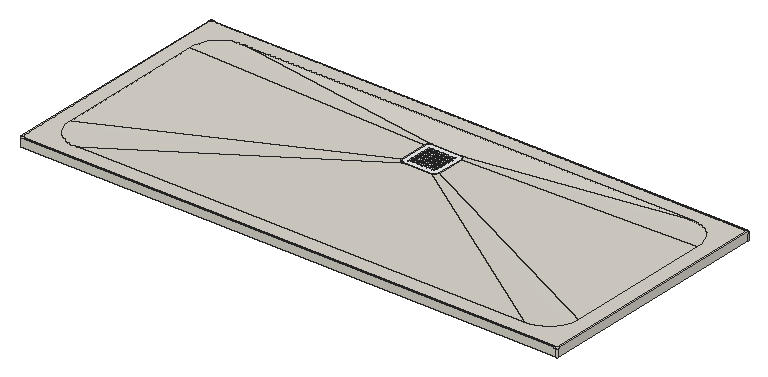
Revit family "IS_UltraFlatS_K8304_BIM_DE", category Plumbing Fixtures, host Face, Revit 2016
Family settings
  Host = Face
  Part Type = Normal
  Round Connector Dimension = Use Diameter
  OmniClass Number = 23.45.05.14.21.11
  OmniClass Title = Bath/Shower Units
  Cut with Voids When Loaded = No
  Shared = No
  Room Calculation Point = No
Parameters (values of type "K8304FT - ULTRAFLAT S PD 180X80 SABBIA")
  WarrantyStartDate = "n/a"
  WarrantyGuarantorParts = "n/a"
  WarrantyGuarantorLabor = "n/a"
  WarrantyDurationUnit = "n/a"
  WarrantyDurationParts = "n/a"
  WarrantyDurationLabor = "n/a"
  WarrantyDescription = "n/a"
  WFU = 0
  VolumeUnits = "Litres"
  Version = "1"
  Uniclass2015Version = "Products v1.1"
  Uniclass2015Title = "Shower trays"
  Uniclass2015Code = "Pr_40_20_06_84"
  URL = "www.idealstandard.de"
  Type Comments = "n/a"
  TagNumber = "n/a"
  SustainabilityPerformance = "n/a"
  Space = "Internal"
  Size = "1800 x 800 x 30 mm"
  Shape = "Rectangular"
  SerialNumber = "n/a"
  ReplacementCost = "n/a"
  ProductInformation = "www.idealstandard.de"
  PredefinedType = "n/a"
  Phone = "+49228 5210"
  NominalWidth = 1800 mm
  NominalLength = 800 mm
  NominalHeight = 30 mm
  NominalDepth = 0 mm
  Name = "ISI_IdealStandard_Showers_Ultra Flat S_K8304FT"
  ModelReference = "IS Rechteck-BRW ULTRA FLAT S,Abl.mittig, 1800x800x30mm, Sandstein"
  ModelNumber = "K8304FT"
  Model = "K8304FT"
  Material = "Sanitary Brass"
  ManufacturerURL = "www.idealstandard.de"
  Manufacturer = "idealstandard.de@idealstandard.com"
  MainMaterial = IS_RenderMaterial_Sand
  LinearUnits = "millimeters"
  Keynote = ""
  InstallationInstructions = "www.idealstandard.de\\produkte"
  InstallationDate = "1900-12-31T23:59:59"
  Help = "idealstandard.de@idealstandard.com"
  HWFU = 0
  GrossWeight = "52,1 kg"
  Grade = "n/a"
  Finish = "Beach Sand"
  Features = "ULTRA FLAT S rectangular shower tray 1800x800mm"
  ExpectedLife = "25"
  DurationUnit = "year"
  DistributedBy = "n/a"
  Description = "Ultraflat S Pd 180 x 80 Sabbia"
  Default Elevation = 0 mm
  CurrencyUnit = "€"
  CreatedOn = "42774"
  Cost = 0
  Constituents = "n/a"
  ConnectionType = "Plumbing"
  Color = "Beach Sand"
  CodePerformance = "0"
  CWFU = 0
  Brand = "Ideal Standard"
  BarCode = "4015413071239"
  BIMObjectName = "ISI_IdealStandard_Showers_Ultra Flat S_K8304FT"
  Author = "Ideal Standard"
  AssetType = "Fixed"
  AssetIdentifier = "n/a"
  Assembly Code = "C1030200"
  AreaUnits = "millimeters"
  AreaMeasurement = "n/a"
  Accessories = "www.idealstandard.de\\ersatzteile"
  AccessibilityPerformance = "n/a"
Types (5, lengths in mm): name | Name | ModelReference | ModelNumber | Model | MainMaterial | Finish | Description | Color | BarCode | BIMObjectName
  K8304FR - ULTRAFLAT S PD 180X80 BIANCO | "ISI_IdealStandard_Showers_Ultra Flat S_K8304FR" | "IS Rechteck-BRW ULTRA FLAT S,Abl.mittig, 1800x800x30mm, Carraraweiß" | "K8304FR" | "K8304FR" | IS_RenderMaterial_White | "Pure White" | "Ultraflat S Pd 180 x 80 Bianco" | "Pure White" | "4015413067805" | "ISI_IdealStandard_Showers_Ultra Flat S_K8304FR"
  K8304FV - ULTRAFLAT S PD 180X80 NERO | "ISI_IdealStandard_Showers_Ultra Flat S_K8304FV" | "IS Rechteck-BRW ULTRA FLAT S,Abl.mittig, 1800x800x30mm, Schiefer" | "K8304FV" | "K8304FV" | IS_RenderMaterial_Black | "Jet Black" | "Ultraflat S Pd 180 x 80 Nero" | "Jet Black" | "4015413071932" | "ISI_IdealStandard_Showers_Ultra Flat S_K8304FV"
  K8304FT - ULTRAFLAT S PD 180X80 SABBIA | "ISI_IdealStandard_Showers_Ultra Flat S_K8304FT" | "IS Rechteck-BRW ULTRA FLAT S,Abl.mittig, 1800x800x30mm, Sandstein" | "K8304FT" | "K8304FT" | IS_RenderMaterial_Sand | "Beach Sand" | "Ultraflat S Pd 180 x 80 Sabbia" | "Beach Sand" | "4015413071239" | "ISI_IdealStandard_Showers_Ultra Flat S_K8304FT"
  K8304FS - ULTRAFLAT S PD 180X80 GRIGIO CEMENTO | "ISI_IdealStandard_Showers_Ultra Flat S_K8304FS" | "IS Rechteck-BRW ULTRA FLAT S,Abl.mittig, 1800x800x30mm, Quarzgrau" | "K8304FS" | "K8304FS" | IS_RenderMaterial_Grey | "Concrete Grey" | "Ultraflat S Pd 180 x 80 Grigio Cemento" | "Concrete Grey" | "4015413070775" | "ISI_IdealStandard_Showers_Ultra Flat S_K8304FS"
  K8304FU - ULTRAFLAT S PD 180X80 MOKA | "ISI_IdealStandard_Showers_Ultra Flat S_K8304FU" | "IS Rechteck-BRW ULTRA FLAT S,Abl.mittig, 1800x800x30mm, Lavabraun" | "K8304FU" | "K8304FU" | IS_RenderMaterial_Moka | "Deep Moka" | "Ultraflat S Pd 180 x 80 Moka" | "Deep Moka" | "4015413071598" | "ISI_IdealStandard_Showers_Ultra Flat S_K8304FU"
Reference planes
  plane 1 "Center (Front/Back)": y = 0
  plane 2: z = 0
  plane 3 "Center (Left/Right)": x = 0
  plane 4: z = 30
  plane 5: y = -800
  plane 6: x = -850
  plane 7: x = -900
  plane 8: x = 850
  plane 9: x = 900
  plane 10: y = -750
Forms (mm)
  Extrusion 1, solid, material "IS_RenderMaterial_Sand" <- "MainMaterial"
    sketch origin (0, 0, 0) x (1, 0, 0) y (0, 1, 0)
      loop
        arc (-895, 0) -> (-898.536, -1.464) -> (-900, -5) r 5
        line (-900, -5) -> (-900, -795)
        arc (-900, -795) -> (-898.536, -798.536) -> (-895, -800) r 5
        line (-895, -800) -> (895, -800)
        arc (895, -800) -> (898.536, -798.536) -> (900, -795) r 5
        line (900, -795) -> (900, -5)
        arc (900, -5) -> (898.536, -1.464) -> (895, 0) r 5
        line (895, 0) -> (-895, 0)
    from 0 to 30
  Blend 2, void
    base sketch origin (0, 39.744, 30) x (-1, 0, 0) y (0, -1, 0)
      loop
        arc (750, 89.744) -> (820.711, 119.033) -> (850, 189.744) r 100
        line (850, 189.744) -> (850, 689.744)
        arc (850, 689.744) -> (820.711, 760.454) -> (750, 789.744) r 100
        line (750, 789.744) -> (-750, 789.744)
        arc (-750, 789.744) -> (-820.711, 760.454) -> (-850, 689.744) r 100
        line (-850, 689.744) -> (-850, 189.744)
        arc (-850, 189.744) -> (-820.711, 119.033) -> (-750, 89.744) r 100
        line (-750, 89.744) -> (750, 89.744)
    top sketch origin (0, 39.744, 30) x (-1, 0, 0) y (0, -1, 0)
      loop
        arc (47.5, 177.244) -> (58.107, 181.637) -> (62.5, 192.244) r 15
        line (62.5, 192.244) -> (62.5, 287.244)
        arc (62.5, 287.244) -> (58.107, 297.85) -> (47.5, 302.244) r 15
        line (47.5, 302.244) -> (-47.5, 302.244)
        arc (-47.5, 302.244) -> (-58.107, 297.85) -> (-62.5, 287.244) r 15
        line (-62.5, 287.244) -> (-62.5, 192.244)
        arc (-62.5, 192.244) -> (-58.107, 181.637) -> (-47.5, 177.244) r 15
        line (-47.5, 177.244) -> (47.5, 177.244)
    from 0 to -15
  Revolve 3, void
    sketch origin (-65.411, -200, 1219.2) x (-1, 0, 0) y (0, 0, 1)
      loop
        line (-65.411, -1219.2) -> (-20.411, -1219.2) -> (-20.411, -1214.2) -> (-13.411, -1207.2) -> (-65.411, -1207.2) -> (-65.411, -1219.2)
      axis (-65.411, -1219.2) -> (-65.411, -1207.2)
    angle from 0 to 360
  Extrusion 4, void
    sketch origin (0, -134.515, 12) x (-1, 0, 0) y (0, 1, 0)
      loop
        arc (-47.5, -2.985) -> (-58.107, -7.379) -> (-62.5, -17.985) r 15
        line (-62.5, -17.985) -> (-62.5, -112.985)
        arc (-62.5, -112.985) -> (-58.107, -123.592) -> (-47.5, -127.985) r 15
        line (-47.5, -127.985) -> (47.5, -127.985)
        arc (47.5, -127.985) -> (58.107, -123.592) -> (62.5, -112.985) r 15
        line (62.5, -112.985) -> (62.5, -17.985)
        arc (62.5, -17.985) -> (58.107, -7.379) -> (47.5, -2.985) r 15
        line (47.5, -2.985) -> (-47.5, -2.985)
    from 0 to -3
  Extrusion 5, solid, material "Chrome - Polished"
    sketch origin (0, -134.515, 12) x (0, 1, 0) y (-1, 0, 0)
      loop
        arc (-4.985, 46.539) -> (-9.074, 56.411) -> (-18.946, 60.5) r 13.961
        line (-18.946, 60.5) -> (-111.985, 60.5)
        arc (-111.985, 60.5) -> (-121.885, 56.399) -> (-125.985, 46.5) r 14
        line (-125.985, 46.5) -> (-125.985, -46.5)
        arc (-125.985, -46.5) -> (-121.885, -56.399) -> (-111.985, -60.5) r 14
        line (-111.985, -60.5) -> (-18.985, -60.5)
        arc (-18.985, -60.5) -> (-9.086, -56.399) -> (-4.985, -46.5) r 14
        line (-4.985, -46.5) -> (-4.985, 46.539)
      loop
        line (-64.007, 45) -> (-64.007, 32) -> (-52.007, 32) -> (-52.007, 45) -> (-64.007, 45)
      loop
        line (-49.007, 45) -> (-49.007, 32) -> (-37.007, 32) -> (-37.007, 45) -> (-49.007, 45)
      loop
        line (-34.007, 45) -> (-34.007, 32) -> (-22.007, 32) -> (-22.007, 45) -> (-34.007, 45)
      loop
        line (-34.007, 29) -> (-34.007, 16) -> (-22.007, 16) -> (-22.007, 29) -> (-34.007, 29)
      loop
        line (-34.007, 13) -> (-34.007, 1.526) -> (-22.007, 1.526) -> (-22.007, 13) -> (-34.007, 13)
      loop
        line (-37.007, 29) -> (-49.007, 29) -> (-49.007, 16) -> (-37.007, 16) -> (-37.007, 29)
      loop
        line (-37.007, 13) -> (-49.007, 13) -> (-49.007, 1.526) -> (-37.007, 1.526) -> (-37.007, 13)
      loop
        line (-52.007, 29) -> (-64.007, 29) -> (-64.007, 16) -> (-52.007, 16) -> (-52.007, 29)
      loop
        line (-52.007, 13) -> (-64.007, 13) -> (-64.007, 1.526) -> (-52.007, 1.526) -> (-52.007, 13)
      loop
        line (-64.007, -45) -> (-52.007, -45) -> (-52.007, -32) -> (-64.007, -32) -> (-64.007, -45)
      loop
        line (-49.007, -45) -> (-37.007, -45) -> (-37.007, -32) -> (-49.007, -32) -> (-49.007, -45)
      loop
        line (-34.007, -45) -> (-22.007, -45) -> (-22.007, -32) -> (-34.007, -32) -> (-34.007, -45)
      loop
        line (-34.007, -29) -> (-22.007, -29) -> (-22.007, -16) -> (-34.007, -16) -> (-34.007, -29)
      loop
        line (-34.007, -13) -> (-22.007, -13) -> (-22.007, -1.526) -> (-34.007, -1.526) -> (-34.007, -13)
      loop
        line (-37.007, -29) -> (-37.007, -16) -> (-49.007, -16) -> (-49.007, -29) -> (-37.007, -29)
      loop
        line (-37.007, -13) -> (-37.007, -1.526) -> (-49.007, -1.526) -> (-49.007, -13) -> (-37.007, -13)
      loop
        line (-52.007, -29) -> (-52.007, -16) -> (-64.007, -16) -> (-64.007, -29) -> (-52.007, -29)
      loop
        line (-52.007, -13) -> (-52.007, -1.526) -> (-64.007, -1.526) -> (-64.007, -13) -> (-52.007, -13)
      loop
        line (-66.963, 45) -> (-78.963, 45) -> (-78.963, 32) -> (-66.963, 32) -> (-66.963, 45)
      loop
        line (-81.963, 45) -> (-93.963, 45) -> (-93.963, 32) -> (-81.963, 32) -> (-81.963, 45)
      loop
        line (-96.963, 45) -> (-108.963, 45) -> (-108.963, 32) -> (-96.963, 32) -> (-96.963, 45)
      loop
        line (-96.963, 29) -> (-108.963, 29) -> (-108.963, 16) -> (-96.963, 16) -> (-96.963, 29)
      loop
        line (-96.963, 13) -> (-108.963, 13) -> (-108.963, 1.526) -> (-96.963, 1.526) -> (-96.963, 13)
      loop
        line (-93.963, 29) -> (-93.963, 16) -> (-81.963, 16) -> (-81.963, 29) -> (-93.963, 29)
      loop
        line (-93.963, 13) -> (-93.963, 1.526) -> (-81.963, 1.526) -> (-81.963, 13) -> (-93.963, 13)
      loop
        line (-78.963, 29) -> (-78.963, 16) -> (-66.963, 16) -> (-66.963, 29) -> (-78.963, 29)
      loop
        line (-78.963, 13) -> (-78.963, 1.526) -> (-66.963, 1.526) -> (-66.963, 13) -> (-78.963, 13)
      loop
        line (-66.963, -45) -> (-66.963, -32) -> (-78.963, -32) -> (-78.963, -45) -> (-66.963, -45)
      loop
        line (-81.963, -45) -> (-81.963, -32) -> (-93.963, -32) -> (-93.963, -45) -> (-81.963, -45)
      loop
        line (-96.963, -45) -> (-96.963, -32) -> (-108.963, -32) -> (-108.963, -45) -> (-96.963, -45)
      loop
        line (-96.963, -29) -> (-96.963, -16) -> (-108.963, -16) -> (-108.963, -29) -> (-96.963, -29)
      loop
        line (-96.963, -13) -> (-96.963, -1.526) -> (-108.963, -1.526) -> (-108.963, -13) -> (-96.963, -13)
      loop
        line (-93.963, -29) -> (-81.963, -29) -> (-81.963, -16) -> (-93.963, -16) -> (-93.963, -29)
      loop
        line (-93.963, -13) -> (-81.963, -13) -> (-81.963, -1.526) -> (-93.963, -1.526) -> (-93.963, -13)
      loop
        line (-78.963, -29) -> (-66.963, -29) -> (-66.963, -16) -> (-78.963, -16) -> (-78.963, -29)
      loop
        line (-78.963, -13) -> (-66.963, -13) -> (-66.963, -1.526) -> (-78.963, -1.526) -> (-78.963, -13)
    from 0 to 3
  Sweep 6, void
    path in 3D
      loop
        arc (895, -800, 30) -> (898.536, -798.536, 30) -> (900, -795, 30) r 5
        line (900, -795, 30) -> (900, -5, 30)
        arc (900, -5, 30) -> (898.536, -1.464, 30) -> (895, 0, 30) r 5
        line (895, 0, 30) -> (-895, 0, 30)
        arc (-895, 0, 30) -> (-898.536, -1.464, 30) -> (-900, -5, 30) r 5
        line (-900, -5, 30) -> (-900, -795, 30)
        arc (-900, -795, 30) -> (-898.536, -798.536, 30) -> (-895, -800, 30) r 5
        line (-895, -800, 30) -> (895, -800, 30)
    profile origin (0, -800, 30) x (0, 1, 0) y (0, 0, 1)
      loop
        line (0, 0) -> (0, -3)
        arc (0, -3) -> (0.879, -0.879) -> (3, 0) r 3
        line (3, 0) -> (0, 0)
Cuts and joins
  Blend 2, Revolve 3, Extrusion 4, Sweep 6 cuts Extrusion 1
  Blend 2 cuts Extrusion 5
Lines and regions (mm)
  sketch lines
    curve 1: line (-895, -800, 30) -> (895, -800, 30)
    curve 2: arc (900, -795, 30) -> (898.536, -798.536, 30) -> (895, -800, 30) r 5
    curve 3: line (900, -795, 30) -> (900, -5, 30)
    curve 4: arc (895, 0, 30) -> (898.536, -1.464, 30) -> (900, -5, 30) r 5
    curve 5: line (895, 0, 30) -> (-895, 0, 30)
    curve 6: arc (-895, -800, 30) -> (-898.536, -798.536, 30) -> (-900, -795, 30) r 5
    curve 7: line (-900, -5, 30) -> (-900, -795, 30)
    curve 8: arc (-900, -5, 30) -> (-898.536, -1.464, 30) -> (-895, 0, 30) r 5
Dimensions and locks
  "NominalHeight": level to plane 4
  "NominalWidth": plane 7 to plane 9
  "NominalLength": plane 5 to plane 1 "Center (Front/Back)"
  aligned and locked: plane 2 to host face
  aligned and locked: level to host face
  aligned and locked: plane 5 to cut or joined group of Extrusion 1, Blend 2, Revolve 3, Extrusion 4, Sweep 6
Automatic sketch dimensions
  host sketch curve to host sketch curve = 2438.4 mm
  host sketch curve to host sketch curve = 1658.7 mm
  Extrusion 1 sketch curve to plane 7 = 0 mm
  plane 5 to Extrusion 1 sketch curve = 0 mm
  plane 1 "Center (Front/Back)" to Extrusion 1 sketch curve = 0 mm
  Extrusion 1 sketch curve to plane 9 = 0 mm
  Extrusion 1 sketch curve to plane 7 = 5 mm
  plane 1 "Center (Front/Back)" to Extrusion 1 sketch curve = 5 mm
  Extrusion 1 sketch curve to plane 9 = 5 mm  (x2)
  Blend 2 sketch curve to plane 8 = 0 mm
  plane 10 to Blend 2 sketch curve = 0 mm
  Blend 2 sketch curve to plane 6 = 0 mm
  Blend 2 sketch curve to plane 8 = 100 mm  (x2)
  plane 1 "Center (Front/Back)" to Blend 2 sketch curve = 50 mm
  Blend 2 sketch curve to plane 6 = 100 mm  (x2)
  plane 3 "Center (Left/Right)" to Blend 2 sketch curve = 62.5 mm
  Blend 2 sketch curve to Blend 2 sketch curve = 15 mm  (x3)
  Blend 2 sketch curve to plane 3 "Center (Left/Right)" = 47.5 mm  (x2)
  plane 1 "Center (Front/Back)" to Blend 2 sketch curve = 137.5 mm
  Blend 2 sketch curve to Blend 2 sketch curve = 95 mm
  Revolve 3 sketch curve to level = 0 mm
  Revolve 3 sketch curve to plane 3 "Center (Left/Right)" = 0 mm  (x2)
  level to Revolve 3 sketch curve = 5 mm
  Revolve 3 sketch curve to plane 3 "Center (Left/Right)" = 45 mm
  Revolve 3 sketch curve to Revolve 3 sketch curve = 7 mm
  Revolve 3 sketch curve to Revolve 3 sketch curve = 12 mm
  Revolve 3 sketch curve to level = 10 mm
  plane 4 to Revolve 3 sketch curve = 7.813 mm
  plane 3 "Center (Left/Right)" to Extrusion 4 sketch curve = 62.5 mm
  Extrusion 4 sketch curve to Extrusion 4 sketch curve = 15 mm  (x3)
  Extrusion 4 sketch curve to plane 3 "Center (Left/Right)" = 47.5 mm  (x2)
  plane 1 "Center (Front/Back)" to Extrusion 4 sketch curve = 137.5 mm
  Extrusion 4 sketch curve to Extrusion 4 sketch curve = 95 mm
  plane 3 "Center (Left/Right)" to Extrusion 5 sketch curve = 46.5 mm
  plane 1 "Center (Front/Back)" to Extrusion 5 sketch curve = 260.5 mm
  Extrusion 5 sketch curve to Extrusion 5 sketch curve = 14 mm  (x3)
  Extrusion 5 sketch curve to Extrusion 5 sketch curve = 3.022 mm  (x3)
  Extrusion 5 sketch curve to Extrusion 5 sketch curve = 0 mm  (x56)
  plane 3 "Center (Left/Right)" to Extrusion 5 sketch curve = 1.526 mm  (x6)
  Extrusion 5 sketch curve to Extrusion 5 sketch curve = 12 mm  (x18)
  Extrusion 5 sketch curve to Extrusion 5 sketch curve = 3 mm  (x37)
  Extrusion 5 sketch curve to Extrusion 5 sketch curve = 2.956 mm  (x6)
  Extrusion 5 sketch curve to Extrusion 5 sketch curve = 3.061 mm
  Extrusion 5 sketch curve to Extrusion 5 sketch curve = 1.5 mm  (x3)
  Extrusion 5 sketch curve to Extrusion 5 sketch curve = 13 mm  (x9)
  Extrusion 5 sketch curve to plane 3 "Center (Left/Right)" = 1.526 mm  (x6)
  Extrusion 5 sketch curve to Extrusion 5 sketch curve = 11.474 mm  (x2)
  Sweep 6 sketch curve to profile plane = 0 mm  (x2)
  Sweep 6 sketch curve to Sweep 6 sketch curve = 3 mm
Connectors
  piping at (0, -200, 0), diameter 90
    settings: on cut or joined group of Extrusion 1, Blend 2, Revolve 3, Extrusion 4, Sweep 6, index 1, connector inside diameter 609.6 mm, connector length 0 mm, flow factor 0, pipe flow 0.0 L/s, pressure drop 0.0 Pa, fitting loss kfactor 0, connector angle 0.00°, fixture units 0, engagement length 0 mm, angle of deflection 0.00°, flow configuration 2, flow direction 2, fitting loss method 0, system type 16, joint type 0, gender type 0, connector reference index -1, connector utility 0, adjustable connector no, is connector primary yes, connector description ""
